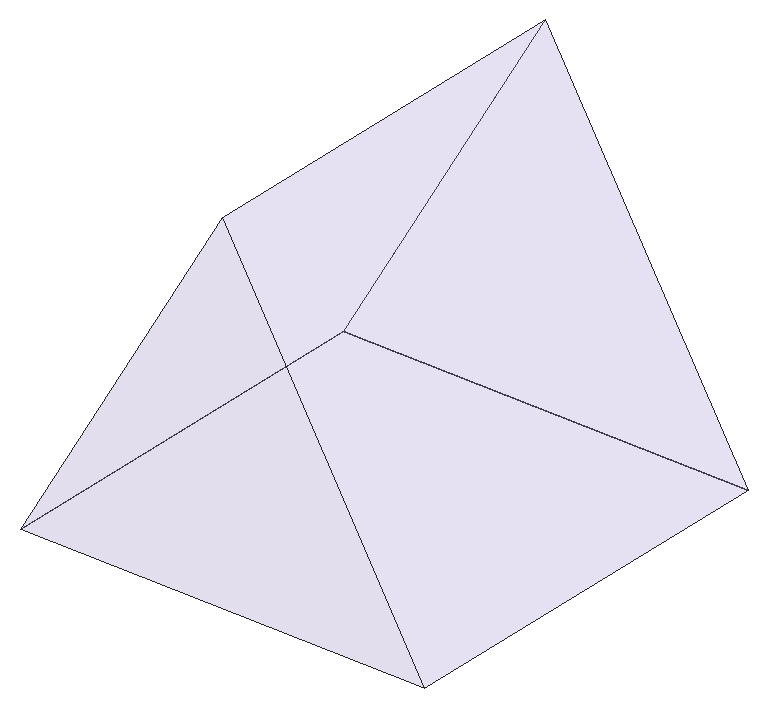
Revit family
Parameters
  Side Length [instance] = 30' - 0"
  Mass Material [instance] = Default Mass
  Height [instance] = Side Length * (sin(60.00°))  # 25' - 11.76915"
  Depth [instance] = 30' - 0"
  Default Elevation = 4' - 0"
Reference planes (in)
  plane 1 "Center (Front/Back)": y = 0.51003
  plane 2: z = 0
  plane 3 "Center (Left/Right)": x = -1.19137
  plane 4: y = 180.51003
  plane 5: x = 178.80863
  plane 6: x = -181.19137
  plane 7: y = -179.48997
  plane 8: z = 311.76915
Forms (in)
  Extrusion 1, solid, material "Default Mass" <- "Mass Material"
    sketch origin (-6, 0.51003, 42.60731) x (1, 0, 0) y (0, 0, 1)
      loop
        line (-175.19137, -42.60731) -> (184.80863, -42.60731) -> (4.80863, 269.16183) -> (-175.19137, -42.60731)
    from -180 to 180
Dimensions and locks (in)
  equal spacing: plane 4, plane 1 "Center (Front/Back)", plane 7
  "Depth": plane 4 to plane 7
  locked: plane 2 to level
  "Height": plane 8 to plane 2
  equal spacing: plane 6, plane 3 "Center (Left/Right)", plane 5
  "Side Length": plane 6 to plane 5
  "Side Length": Extrusion 1 sketch curve to Extrusion 1 sketch curve  (x2)
  aligned and locked: Extrusion 1 to plane 7
  aligned and locked: Extrusion 1 to plane 4
  aligned and locked: Extrusion 1 sketch curve to plane 2
  aligned and locked: plane 6 to Extrusion 1 sketch curve
Automatic sketch dimensions
  Extrusion 1 sketch curve to plane 3 "Center (Left/Right)" = 0' - 0"
